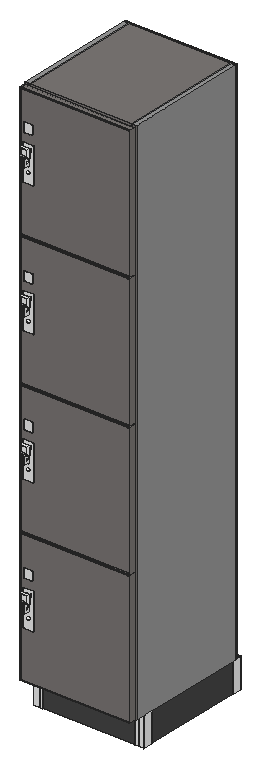
Revit family "Wood_Lockers_Hasps-Salsbury_Industries-15_44000_Series-1_Wide_Units", category Specialty Equipment, Revit 2026
Family settings
  Round Connector Dimension = Use Diameter
  Part Type = Normal
  Classification Number = 23.40.00.00
  Work Plane-Based = No
  Enable Cutting in Views = No
  Always vertical = Yes
  Cut with Voids When Loaded = No
  Maintain Annotation Orientation = No
  Shared = No
  Room Calculation Point = No
Parameters (values of type "15-44168")
  Width = 15.000"
  Version = "1.0 (01/31/24)"
  Unit Height including Sloping Hood Only [instance] = 78.868"
  Unit Height including Base Only [instance] = 76.000"
  URL = "www.lockers.com"
  Type Comments = "Premier Wood Lockers - Four Tier - with Hasps"
  Total Doors Height [instance] = if(Unit Height = 72.000", 71.750", if(Unit Height = 60.000", 59.750", 0.000"))  # 71.750"
  Sloping Top Corner Filler - Right Side [instance] = Wood Locker Sloping Corner Fillers : None
  Sloping Top Corner Filler - Left Side [instance] = Wood Locker Sloping Corner Fillers : None
  Sloping In-Line Filler - Right Side [instance] = Wood Locker Sloping In-Line Fillers : None
  Sloping In-Line Filler - Left Side [instance] = Wood Locker Sloping In-Line Fillers : None
  Sloping Hood Height = if(Depth = 15.000", 5.743", if(Depth = 18.000", 6.868", if(Depth = 21.000", 7.993", if(Depth = 24.000", 9.118", 0.000"))))  # 6.868"
  Sloping Hood [instance] = Wood Locker Sloping Hoods : None
  Side Panel without Slope - Right Side [instance] = Wood Locker Side Panels-No Slope : None
  Side Panel without Slope - Left Side [instance] = Wood Locker Side Panels-No Slope : None
  Side Panel with Slope - Right Side [instance] = Wood Locker Side Panels-With Slope : None
  Side Panel with Slope - Left Side [instance] = Wood Locker Side Panels-With Slope : None
  Secondary Structure Materials = Particle Board Industrial Grade - Salsbury Finish - Black Melamine Overlay
  Primary Structure Materials = Particle Board Industrial Grade - Salsbury Finish - Plain
  Overall Unit Height including Base and Sloping Hood [instance] = 82.868"
  OmniClass 23 Title = "Equipment and Furnishings"
  OmniClass 23 Number = "23.40.00.00"
  Model = "15-44168"
  MasterFormat Title = "Lockers"
  MasterFormat Code = "10 51 23"
  Manufacturer = "Salsbury Industries"
  Laminate Surface [instance] = Industrial Grade Particleboard with Wood Laminate - Salsbury Finish - Skyline Walnut
  Interior Material = Textured Melamine - Salsbury Finish - White
  Individual Door Width [instance] = 14.875"
  Unit Height = 72.000"
  Individual Door Height = if(Unit Height = 72.000", 17.796", if(Unit Height = 60.000", 14.796", 0.000"))  # 17.796"
  Hardware = Aluminum - Salsbury Finish - Black Satin
  Front Vertical Filler - Right Side [instance] = Wood Locker Front Fillers : None
  Front Vertical Filler - Left Side [instance] = Wood Locker Front Fillers : None
  Front Corner Filler - Right Side [instance] = Wood Locker Front Corner Filler : None
  Front Corner Filler - Left Side [instance] = Wood Locker Front Corner Filler : None
  Flat Top In-Line Filler - Right Side [instance] = Wood Locker Flat In-Line Fillers : None
  Flat Top In-Line Filler - Left Side [instance] = Wood Locker Flat In-Line Fillers : None
  Flat Top Corner Filler - Right Side [instance] = Wood Locker Flat Corner Fillers : None
  Flat Top Corner Filler - Left Side [instance] = Wood Locker Flat Corner Fillers : None
  Fascia Filler [instance] = Wood Locker Fascia Fillers : None
  Double Side Panel without Slope - Right Side [instance] = Wood Locker Double Side Panels-No Slope : None
  Double Side Panel without Slope - Left Side [instance] = Wood Locker Double Side Panels-No Slope : None
  Double Side Panel with Slope - Right Side [instance] = Wood Locker Double Side Panels-With Slope : None
  Double Side Panel with Slope - Left Side [instance] = Wood Locker Double Side Panels-With Slope : None
  Door Location D1 = Premier Locker Doors_Hasp : Four Tier Door for Six Foot High Locker
  Description = "1 Wide - 6 Feet High - 18 inches Deep - with Base"
  Depth = 18.000"
  Default Elevation = 0.000"
  Compartment Width [instance] = 13.750"
  Compartment Height [instance] = if(Unit Height = 72.000", 17.063", if(Unit Height = 60.000", 14.063", 0.000"))  # 17.063"
  Compartment Depth [instance] = 16.750"
  Base Material = Particle Board Industrial Grade - Salsbury Finish - Black Melamine Overlay
  Base Height = 4.000"
  Base Depth [instance] = 16.250"
  Base = Wood Locker Bases : Base - 15" W x 18" D Lockers
  Assembly Code = "C1030310"
Reference planes (in)
  plane 1 "Center (Front/Back)": y = 0
  plane 2: z = 0
  plane 3 "Center (Left/Right)": x = 0
  plane 4 "Right Side of Unit": x = 7.5
  plane 5 "Left Side of Unit": x = -7.5
  plane 6 "Back of Unit": y = 9
  plane 7 "Front of Unit": y = -9
  plane 8 "Bottom of Base": z = 0
  plane 9 "Top Edge of Unit": z = 76
  plane 10 "Top of Base Edge": z = 4
  plane 11: z = 82.868
  plane 12 "Right Compartment Edge": x = 6.906
  plane 13 "Left Compartment Edge": x = -6.906
  plane 14 "Front Melamine Edge": y = -8
  plane 15 "Back Compartment Edge": y = 8.781
  plane 16 "Front Compartment Edge": y = -7.969
  plane 17 "Front Edge of Base": y = -6.625
  plane 18 "Bottom Edge of Door": z = 4.125
  plane 19 "Top Edge of Door": z = 75.875
  plane 20 "Bottom Compartment Edge": z = 4.75
  plane 21 "Top Compartment Edge": z = 75.25
  plane 22 "Center Top and Bottom": z = 40
  plane 23 "Left Melamine Edge": x = -6.875
  plane 24 "Right Melamine Edge": x = 6.875
  plane 25 "Back Melamine Edge": y = 8.75
  plane 26 "Left Edge of Door": x = -7.375
  plane 27: y = 9.625
  plane 28: y = -7.25
  plane 29 "Base / Ventillation Alignment": y = 9.625
  plane 30 "Compartment Shelf 3": z = 22.563
  plane 31: z = 21.813
  plane 32: z = 21.921
  plane 33: z = 22.109
  plane 34: z = 39.626
  plane 35 "Compartment Shelf 2": z = 40.376
  plane 36: z = 39.905
  plane 37: z = 40.093
  plane 38: z = 57.439
  plane 39 "Compartment Shelf 1": z = 58.189
  plane 40: z = 57.889
  plane 41: z = 58.077
Forms (in)
  Extrusion 1, solid, material "Particle Board Industrial Grade - Salsbury Finish - Plain" <- "Primary Structure Materials"
    sketch origin (7.5, 0, 0) x (0, -1, 0) y (0, 0, 1)
      loop
        line (7.969, 76) -> (-8.75, 76) -> (-8.75, 4) -> (7.969, 4) -> (7.969, 76)
    from 0 to 0.594
  Extrusion 2, solid, material "Particle Board Industrial Grade - Salsbury Finish - Plain" <- "Primary Structure Materials"
    sketch origin (-7.5, 0, 0) x (0, -1, 0) y (0, 0, 1)
      loop
        line (-8.75, 76) -> (-8.75, 4) -> (7.969, 4) -> (7.969, 76) -> (-8.75, 76)
    from 0 to -0.594
  Extrusion 3, solid, material "Textured Melamine - Salsbury Finish - White" <- "Interior Material"
    sketch origin (0, 0, 4) x (0, -1, 0) y (1, 0, 0)
      loop
        line (-8.75, -6.875) -> (7.969, -6.875) -> (7.969, 6.875) -> (-8.75, 6.875) -> (-8.75, -6.875)
    from 0 to 0.75
  Extrusion 4, solid, material "Industrial Grade Particleboard with Wood Laminate - Salsbury Finish - Skyline Walnut" <- "Laminate Surface"
    sketch origin (0.375, 0.375, 76) x (1, 0, 0) y (0, 1, 0)
      loop
        line (-7.25, -8.375) -> (6.5, -8.375) -> (6.5, 8.375) -> (-7.25, 8.375) -> (-7.25, -8.375)
    from 0 to -0.75
  Extrusion 5, solid, material "Particle Board Industrial Grade - Salsbury Finish - Plain" <- "Primary Structure Materials"
    sketch origin (0, 9, 0) x (1, 0, 0) y (0, 0, 1)
      loop
        line (-7.5, 76) -> (-7.5, 4) -> (7.5, 4) -> (7.5, 76) -> (-7.5, 76)
    from 0 to 0.219
  Extrusion 6, solid, material "Industrial Grade Particleboard with Wood Laminate - Salsbury Finish - Skyline Walnut" <- "Laminate Surface"
    sketch origin (0, -7.969, 0) x (1, 0, 0) y (0, 0, 1)
      loop
        line (-7.5, 76) -> (-7.5, 4) -> (-6.875, 4) -> (-6.875, 76) -> (-7.5, 76)
    from 0 to 0.031
  Extrusion 7, solid, material "Industrial Grade Particleboard with Wood Laminate - Salsbury Finish - Skyline Walnut" <- "Laminate Surface"
    sketch origin (0, -7.969, 0) x (-1, 0, 0) y (0, 0, -1)
      loop
        line (-7.5, -76) -> (-6.875, -76) -> (-6.875, -4) -> (-7.5, -4) -> (-7.5, -76)
    from 0 to 0.031
  Extrusion 8, solid, material "Textured Melamine - Salsbury Finish - White" <- "Interior Material"
    sketch origin (0, 8.75, 0) x (1, 0, 0) y (0, 0, 1)
      loop
        line (-7.5, 76) -> (-7.5, 4) -> (7.5, 4) -> (7.5, 76) -> (-7.5, 76)
    from -0.031 to 0
  Extrusion 9, solid, material "Textured Melamine - Salsbury Finish - White" <- "Interior Material"
    sketch origin (-6.906, 0, 0) x (0, -1, 0) y (0, 0, 1)
      loop
        line (-8.75, 76) -> (-8.75, 4) -> (7.969, 4) -> (7.969, 76) -> (-8.75, 76)
    from 0 to -0.031
  Extrusion 10, solid, material "Textured Melamine - Salsbury Finish - White" <- "Interior Material"
    sketch origin (6.906, 0, 0) x (0, -1, 0) y (0, 0, 1)
      loop
        line (7.969, 76) -> (-8.75, 76) -> (-8.75, 4) -> (7.969, 4) -> (7.969, 76)
    from 0 to 0.031
  Extrusion 11, solid, material "Textured Melamine - Salsbury Finish - White" <- "Interior Material", detail levels fine
    sketch origin (0, 0, 22.563) x (0, -1, 0) y (1, 0, 0)
      loop
        line (-8.75, -6.875) -> (7.969, -6.875) -> (7.969, 6.875) -> (-8.75, 6.875) -> (-8.75, -6.875)
    from 0 to -0.75
  Extrusion 12, solid, material "Textured Melamine - Salsbury Finish - White" <- "Interior Material", detail levels fine
    sketch origin (0, 0, 40.376) x (0, -1, 0) y (1, 0, 0)
      loop
        line (-8.75, -6.875) -> (7.969, -6.875) -> (7.969, 6.875) -> (-8.75, 6.875) -> (-8.75, -6.875)
    from 0 to -0.75
  Extrusion 13, solid, material "Textured Melamine - Salsbury Finish - White" <- "Interior Material", detail levels fine
    sketch origin (0, 0, 58.189) x (0, -1, 0) y (1, 0, 0)
      loop
        line (-8.75, -6.875) -> (7.969, -6.875) -> (7.969, 6.875) -> (-8.75, 6.875) -> (-8.75, -6.875)
    from 0 to -0.75
  Extrusion 14, solid, material "Industrial Grade Particleboard with Wood Laminate - Salsbury Finish - Skyline Walnut" <- "Laminate Surface"
    sketch origin (0, -8, 0) x (1, 0, 0) y (0, 0, 1)
      loop
        line (-6.875, 58.189) -> (-6.875, 57.439) -> (6.875, 57.439) -> (6.875, 58.189) -> (-6.875, 58.189)
    from 0 to -0.031
  Extrusion 15, solid, material "Industrial Grade Particleboard with Wood Laminate - Salsbury Finish - Skyline Walnut" <- "Laminate Surface"
    sketch origin (0, -8, 0) x (1, 0, 0) y (0, 0, 1)
      loop
        line (-6.875, 40.376) -> (-6.875, 39.626) -> (6.875, 39.626) -> (6.875, 40.376) -> (-6.875, 40.376)
    from 0 to -0.031
  Extrusion 16, solid, material "Industrial Grade Particleboard with Wood Laminate - Salsbury Finish - Skyline Walnut" <- "Laminate Surface"
    sketch origin (0, -8, 0) x (1, 0, 0) y (0, 0, 1)
      loop
        line (-6.875, 22.563) -> (-6.875, 21.813) -> (6.875, 21.813) -> (6.875, 22.563) -> (-6.875, 22.563)
    from 0 to -0.031
  Extrusion 17, solid, material "Industrial Grade Particleboard with Wood Laminate - Salsbury Finish - Skyline Walnut" <- "Laminate Surface"
    sketch origin (0, -8, 0) x (1, 0, 0) y (0, 0, 1)
      loop
        line (-6.875, 4.75) -> (-6.875, 4) -> (6.875, 4) -> (6.875, 4.75) -> (-6.875, 4.75)
    from 0 to -0.031
Lines and regions (in)
  symbolic lines
    curve 1: line (-7.5, 8.75, 76) -> (7.50006, 8.75, 76)
    curve 2: line (-7.5, 8.75, 0) -> (-7.5, 8.75, 76)
    curve 3: line (7.50006, 8.75, 76) -> (7.50006, 8.75, 0)
    curve 4: line (6.906, -8, 76) -> (6.906, 9.625, 76)
    curve 5: line (6.906, -8, 0) -> (6.906, -8, 76)
    curve 6: line (6.906, 9.625, 76) -> (6.906, 9.625, 0)
    curve 7: line (7.50006, 8.75, 0) -> (-7.5, 8.75, 0)
    curve 8: line (6.906, -6.625, 0) -> (6.906, 9.625, 0)
    curve 9: line (6.906, 9.625, 0) -> (6.906, -6.625, 0)
    curve 10: line (6.906, -8, 0) -> (6.906, 9.625, 0)
    curve 11: line (-7.5, 9.625, 0) -> (7.5, 9.625, 0)
    curve 12: line (-7.5, -8, 0) -> (-7.5, 9.625, 0)
    curve 13: line (7.5, -8, 0) -> (-7.5, -8, 0)
    curve 14: line (7.5, 9.625, 0) -> (7.5, -8, 0)
Dimensions and locks (in)
  equal spacing: plane 5 "Left Side of Unit", plane 3 "Center (Left/Right)", plane 4 "Right Side of Unit"
  "Width": plane 5 "Left Side of Unit" to plane 4 "Right Side of Unit"
  equal spacing: plane 7 "Front of Unit", plane 1 "Center (Front/Back)", plane 6 "Back of Unit"
  "Depth": plane 7 "Front of Unit" to plane 6 "Back of Unit"
  "Base Height": plane 10 "Top of Base Edge" to plane 8 "Bottom of Base"
  "Unit Height": plane 9 "Top Edge of Unit" to plane 10 "Top of Base Edge"
  "Sloping Hood Height": plane 11 to plane 9 "Top Edge of Unit"
  locked: plane 12 "Right Compartment Edge" to plane 4 "Right Side of Unit" at 0.594
  locked: plane 5 "Left Side of Unit" to plane 13 "Left Compartment Edge" at 0.594
  locked: plane 7 "Front of Unit" to plane 14 "Front Melamine Edge" at 1
  locked: plane 15 "Back Compartment Edge" to plane 6 "Back of Unit" at 0.219
  locked: plane 14 "Front Melamine Edge" to plane 16 "Front Compartment Edge" at 0.031
  plane 18 "Bottom Edge of Door" to plane 10 "Top of Base Edge" = 0.125"
  plane 9 "Top Edge of Unit" to plane 19 "Top Edge of Door" = 0.125"
  plane 20 "Bottom Compartment Edge" to plane 10 "Top of Base Edge" = 0.750"
  plane 9 "Top Edge of Unit" to plane 21 "Top Compartment Edge" = 0.750"
  equal spacing: plane 9 "Top Edge of Unit", plane 22 "Center Top and Bottom", plane 10 "Top of Base Edge"
  locked: plane 24 "Right Melamine Edge" to plane 12 "Right Compartment Edge" at 0.031
  locked: plane 13 "Left Compartment Edge" to plane 23 "Left Melamine Edge" at 0.031
  locked: plane 25 "Back Melamine Edge" to plane 15 "Back Compartment Edge" at 0.031
  locked: plane 5 "Left Side of Unit" to plane 26 "Left Edge of Door" at 0.125
  "Individual Door Width": plane 26 "Left Edge of Door" to plane 4 "Right Side of Unit"
  "Total Doors Height": plane 19 "Top Edge of Door" to plane 18 "Bottom Edge of Door"
  "Unit Height including Base Only": plane 9 "Top Edge of Unit" to plane 8 "Bottom of Base"
  "Unit Height including Sloping Hood Only": plane 11 to plane 10 "Top of Base Edge"
  "Overall Unit Height including Base and Sloping Hood": plane 11 to plane 8 "Bottom of Base"
  locked: plane 7 "Front of Unit" to plane 17 "Front Edge of Base" at 2.375
  locked: plane 6 "Back of Unit" to plane 27 at 0.625
  "Base Depth": plane 17 "Front Edge of Base" to plane 27
  "Compartment Width": plane 23 "Left Melamine Edge" to plane 24 "Right Melamine Edge"
  "Compartment Height": plane 31 to plane 20 "Bottom Compartment Edge"
  "Compartment Depth": plane 14 "Front Melamine Edge" to plane 25 "Back Melamine Edge"
  locked: plane 14 "Front Melamine Edge" to plane 28 at 0.75
  plane 14 "Front Melamine Edge" to plane 27 = 17.625"
  Extrusion 2 to Extrusion 9 = 16.719"
  plane 6 "Back of Unit" to plane 29 "Base / Ventillation Alignment" = 0.625"
  locked: plane 30 "Compartment Shelf 3" to plane 31 at 0.75
  locked: plane 33 to plane 32 at 0.188
  "Individual Door Height": plane 32 to plane 18 "Bottom Edge of Door"
  locked: plane 35 "Compartment Shelf 2" to plane 34 at 0.75
  locked: plane 37 to plane 36 at 0.188
  "Compartment Height": plane 34 to plane 30 "Compartment Shelf 3"
  "Individual Door Height": plane 36 to plane 33
  locked: plane 39 "Compartment Shelf 1" to plane 38 at 0.75
  locked: plane 41 to plane 40 at 0.188
  "Compartment Height": plane 38 to plane 35 "Compartment Shelf 2"
  "Individual Door Height": plane 40 to plane 37
  aligned and locked: level to plane 2
  aligned and locked: plane 15 "Back Compartment Edge" to Extrusion 5
  aligned and locked: plane 4 "Right Side of Unit" to nested 1
  aligned and locked: plane 18 "Bottom Edge of Door" to nested 1
  aligned and locked: plane 7 "Front of Unit" to nested 1
  aligned and locked: plane 9 "Top Edge of Unit" to nested 2
  aligned and locked: plane 14 "Front Melamine Edge" to nested 2
  aligned and locked: plane 5 "Left Side of Unit" to nested 3
  aligned and locked: plane 14 "Front Melamine Edge" to nested 3
  aligned and locked: plane 9 "Top Edge of Unit" to nested 3
  aligned and locked: plane 4 "Right Side of Unit" to nested 4
  aligned and locked: nested 4 to plane 9 "Top Edge of Unit"
  aligned and locked: nested 4 to plane 14 "Front Melamine Edge"
  aligned and locked: plane 9 "Top Edge of Unit" to nested 5
  aligned and locked: plane 28 to nested 5
  aligned and locked: nested 6 to plane 28
  aligned and locked: plane 5 "Left Side of Unit" to nested 6
  aligned and locked: plane 4 "Right Side of Unit" to nested 5
  aligned and locked: nested 6 to plane 9 "Top Edge of Unit"
  aligned and locked: nested 8 to plane 5 "Left Side of Unit"
  aligned and locked: nested 7 to plane 4 "Right Side of Unit"
  aligned and locked: plane 14 "Front Melamine Edge" to nested 7
  aligned and locked: nested 8 to plane 14 "Front Melamine Edge"
  aligned and locked: plane 10 "Top of Base Edge" to nested 7
  aligned and locked: nested 8 to plane 10 "Top of Base Edge"
  aligned and locked: plane 5 "Left Side of Unit" to nested 9
  aligned and locked: plane 4 "Right Side of Unit" to nested 10
  aligned and locked: nested 10 to plane 10 "Top of Base Edge"
  aligned and locked: plane 10 "Top of Base Edge" to nested 9
  aligned and locked: plane 16 "Front Compartment Edge" to nested 10
  aligned and locked: nested 9 to plane 14 "Front Melamine Edge"
  aligned and locked: plane 4 "Right Side of Unit" to nested 11
  aligned and locked: nested 11 to plane 10 "Top of Base Edge"
  aligned and locked: plane 14 "Front Melamine Edge" to nested 11
  aligned and locked: plane 14 "Front Melamine Edge" to nested 12
  aligned and locked: nested 12 to nested 4
  aligned and locked: plane 10 "Top of Base Edge" to nested 12
  aligned and locked: nested 13 to plane 5 "Left Side of Unit"
  aligned and locked: nested 13 to plane 14 "Front Melamine Edge"
  aligned and locked: nested 13 to plane 10 "Top of Base Edge"
  aligned and locked: plane 14 "Front Melamine Edge" to nested 14
  aligned and locked: nested 14 to plane 4 "Right Side of Unit"
  aligned and locked: nested 15 to plane 14 "Front Melamine Edge"
  aligned and locked: nested 15 to plane 5 "Left Side of Unit"
  aligned and locked: plane 10 "Top of Base Edge" to nested 14
  aligned and locked: nested 15 to plane 10 "Top of Base Edge"
  aligned and locked: plane 14 "Front Melamine Edge" to nested 16
  aligned and locked: plane 4 "Right Side of Unit" to nested 16
  aligned and locked: nested 17 to plane 14 "Front Melamine Edge"
  aligned and locked: plane 5 "Left Side of Unit" to nested 17
  aligned and locked: nested 16 to plane 8 "Bottom of Base"
  aligned and locked: nested 17 to plane 8 "Bottom of Base"
  aligned and locked: nested 18 to plane 5 "Left Side of Unit"
  aligned and locked: nested 19 to plane 4 "Right Side of Unit"
  aligned and locked: nested 19 to plane 14 "Front Melamine Edge"
  aligned and locked: plane 14 "Front Melamine Edge" to nested 18
  aligned and locked: plane 8 "Bottom of Base" to nested 19
  aligned and locked: nested 18 to plane 8 "Bottom of Base"
  aligned and locked: plane 17 "Front Edge of Base" to nested 20
  aligned and locked: plane 9 "Top Edge of Unit" to nested 21
  aligned and locked: plane 5 "Left Side of Unit" to nested 21
  aligned and locked: nested 22 to plane 9 "Top Edge of Unit"
  aligned and locked: plane 4 "Right Side of Unit" to nested 22
  aligned and locked: nested 22 to plane 14 "Front Melamine Edge"
  aligned and locked: nested 21 to plane 14 "Front Melamine Edge"
  aligned and locked: nested 24 to plane 9 "Top Edge of Unit"
  aligned and locked: plane 4 "Right Side of Unit" to nested 24
  aligned and locked: nested 23 to plane 9 "Top Edge of Unit"
  aligned and locked: plane 5 "Left Side of Unit" to nested 23
  aligned and locked: nested 24 to plane 28
  aligned and locked: nested 23 to plane 28
  aligned and locked: plane 14 "Front Melamine Edge" to nested 25
  aligned and locked: plane 9 "Top Edge of Unit" to nested 25
  aligned and locked: plane 8 "Bottom of Base" to nested 20
  aligned and locked: plane 3 "Center (Left/Right)" to nested 20
  aligned and locked: plane 25 "Back Melamine Edge" to Extrusion 3 sketch curve
  aligned and locked: Extrusion 3 sketch curve to plane 23 "Left Melamine Edge"
  aligned and locked: plane 24 "Right Melamine Edge" to Extrusion 3 sketch curve
  aligned and locked: Extrusion 4 to plane 9 "Top Edge of Unit"
  aligned and locked: plane 21 "Top Compartment Edge" to Extrusion 4
  aligned and locked: Extrusion 2 sketch curve to plane 9 "Top Edge of Unit"
  aligned and locked: plane 16 "Front Compartment Edge" to Extrusion 2 sketch curve
  aligned and locked: Extrusion 2 sketch curve to plane 25 "Back Melamine Edge"
  aligned and locked: plane 10 "Top of Base Edge" to Extrusion 2 sketch curve
  aligned and locked: Extrusion 2 to plane 13 "Left Compartment Edge"
  aligned and locked: plane 5 "Left Side of Unit" to Extrusion 2
  aligned and locked: plane 10 "Top of Base Edge" to Extrusion 9 sketch curve
  aligned and locked: Extrusion 9 sketch curve to plane 25 "Back Melamine Edge"
  aligned and locked: Extrusion 9 sketch curve to plane 9 "Top Edge of Unit"
  aligned and locked: Extrusion 1 sketch curve to plane 16 "Front Compartment Edge"
  aligned and locked: plane 9 "Top Edge of Unit" to Extrusion 1 sketch curve
  aligned and locked: Extrusion 1 sketch curve to plane 10 "Top of Base Edge"
  aligned and locked: plane 25 "Back Melamine Edge" to Extrusion 1 sketch curve
  aligned and locked: Extrusion 1 to plane 4 "Right Side of Unit"
  aligned and locked: plane 12 "Right Compartment Edge" to Extrusion 1
  aligned and locked: Extrusion 10 sketch curve to plane 10 "Top of Base Edge"
  aligned and locked: plane 25 "Back Melamine Edge" to Extrusion 10 sketch curve
  aligned and locked: Extrusion 10 sketch curve to plane 16 "Front Compartment Edge"
  aligned and locked: plane 9 "Top Edge of Unit" to Extrusion 10 sketch curve
  aligned and locked: Extrusion 10 to plane 12 "Right Compartment Edge"
  aligned and locked: plane 24 "Right Melamine Edge" to Extrusion 10
  aligned and locked: Extrusion 8 sketch curve to plane 10 "Top of Base Edge"
  aligned and locked: plane 4 "Right Side of Unit" to Extrusion 8 sketch curve
  aligned and locked: plane 9 "Top Edge of Unit" to Extrusion 8 sketch curve
  aligned and locked: Extrusion 8 sketch curve to plane 5 "Left Side of Unit"
  aligned and locked: Extrusion 8 to plane 15 "Back Compartment Edge"
  aligned and locked: plane 25 "Back Melamine Edge" to Extrusion 8
  aligned and locked: plane 9 "Top Edge of Unit" to Extrusion 5 sketch curve
  aligned and locked: Extrusion 5 sketch curve to plane 5 "Left Side of Unit"
  aligned and locked: Extrusion 5 sketch curve to plane 10 "Top of Base Edge"
  aligned and locked: plane 4 "Right Side of Unit" to Extrusion 5 sketch curve
  aligned and locked: Extrusion 7 sketch curve to plane 9 "Top Edge of Unit"
  aligned and locked: Extrusion 7 sketch curve to plane 4 "Right Side of Unit"
  aligned and locked: plane 24 "Right Melamine Edge" to Extrusion 7 sketch curve
  aligned and locked: plane 10 "Top of Base Edge" to Extrusion 7 sketch curve
  aligned and locked: Extrusion 7 to plane 16 "Front Compartment Edge"
  aligned and locked: plane 14 "Front Melamine Edge" to Extrusion 7
  aligned and locked: Extrusion 6 sketch curve to plane 10 "Top of Base Edge"
  aligned and locked: plane 23 "Left Melamine Edge" to Extrusion 6 sketch curve
  aligned and locked: Extrusion 6 sketch curve to plane 5 "Left Side of Unit"
  aligned and locked: plane 9 "Top Edge of Unit" to Extrusion 6 sketch curve
  aligned and locked: Extrusion 6 to plane 16 "Front Compartment Edge"
  aligned and locked: plane 14 "Front Melamine Edge" to Extrusion 6
  aligned and locked: plane 16 "Front Compartment Edge" to Extrusion 9
  aligned and locked: plane 13 "Left Compartment Edge" to Extrusion 9
  aligned and locked: nested 3 to curve 1
  aligned and locked: curve 2 to nested 17
  aligned and locked: curve 4 to nested 2
  aligned and locked: nested 16 to curve 5
  aligned and locked: curve 9 to nested 20
  aligned and locked: curve 10 to nested 16
  aligned and locked: curve 13 to plane 14 "Front Melamine Edge"
  aligned and locked: curve 12 to plane 5 "Left Side of Unit"
  aligned and locked: plane 29 "Base / Ventillation Alignment" to curve 11
  aligned and locked: plane 3 "Center (Left/Right)" to nested 2
  aligned and locked: plane 3 "Center (Left/Right)" to nested 25
  aligned and locked: plane 29 "Base / Ventillation Alignment" to curve 6
  aligned and locked: plane 25 "Back Melamine Edge" to Extrusion 11 sketch curve
  aligned and locked: Extrusion 11 sketch curve to plane 23 "Left Melamine Edge"
  aligned and locked: plane 24 "Right Melamine Edge" to Extrusion 11 sketch curve
  aligned and locked: plane 25 "Back Melamine Edge" to Extrusion 12 sketch curve
  aligned and locked: plane 24 "Right Melamine Edge" to Extrusion 12 sketch curve
  aligned and locked: Extrusion 12 sketch curve to plane 23 "Left Melamine Edge"
  aligned and locked: plane 33 to nested 26
  aligned and locked: plane 4 "Right Side of Unit" to nested 26
  aligned and locked: plane 4 "Right Side of Unit" to nested 27
  aligned and locked: plane 37 to nested 27
  aligned and locked: plane 7 "Front of Unit" to nested 27
  aligned and locked: plane 7 "Front of Unit" to nested 26
  aligned and locked: plane 25 "Back Melamine Edge" to Extrusion 13 sketch curve
  aligned and locked: plane 24 "Right Melamine Edge" to Extrusion 13 sketch curve
  aligned and locked: Extrusion 13 sketch curve to plane 23 "Left Melamine Edge"
  aligned and locked: plane 41 to nested 28
  aligned and locked: plane 4 "Right Side of Unit" to nested 28
  aligned and locked: plane 7 "Front of Unit" to nested 28
  aligned and locked: plane 14 "Front Melamine Edge" to Extrusion 4
  aligned and locked: plane 16 "Front Compartment Edge" to Extrusion 13
  aligned and locked: plane 16 "Front Compartment Edge" to Extrusion 12
  aligned and locked: plane 16 "Front Compartment Edge" to Extrusion 11
  aligned and locked: plane 16 "Front Compartment Edge" to Extrusion 3
  aligned and locked: Extrusion 14 sketch curve to Extrusion 13  (x4)
  aligned and locked: plane 14 "Front Melamine Edge" to Extrusion 14
  aligned and locked: Extrusion 14 to plane 16 "Front Compartment Edge"
  aligned and locked: Extrusion 15 sketch curve to Extrusion 12  (x4)
  aligned and locked: plane 14 "Front Melamine Edge" to Extrusion 15
  aligned and locked: Extrusion 15 to plane 16 "Front Compartment Edge"
  aligned and locked: Extrusion 16 sketch curve to Extrusion 11  (x4)
  aligned and locked: plane 14 "Front Melamine Edge" to Extrusion 16
  aligned and locked: Extrusion 16 to plane 16 "Front Compartment Edge"
  aligned and locked: Extrusion 17 sketch curve to Extrusion 3  (x3)
  aligned and locked: Extrusion 7 to Extrusion 17 sketch curve
  aligned and locked: plane 14 "Front Melamine Edge" to Extrusion 17
  aligned and locked: Extrusion 17 to plane 16 "Front Compartment Edge"
Automatic sketch dimensions
  Extrusion 9 sketch curve to plane 16 "Front Compartment Edge" = 0.000"
  curve 3 to level = 0.000"
  curve 3 to plane 4 "Right Side of Unit" = 0.00006"
  curve 8 to plane 17 "Front Edge of Base" = 0.000"
  curve 9 to plane 17 "Front Edge of Base" = 0.000"
  curve 13 to plane 4 "Right Side of Unit" = 0.000"
  Extrusion 4 sketch curve to plane 5 "Left Side of Unit" = 0.625"
  plane 17 "Front Edge of Base" to Extrusion 4 sketch curve = 1.375"
  plane 4 "Right Side of Unit" to Extrusion 4 sketch curve = 0.625"
  plane 25 "Back Melamine Edge" to Extrusion 4 sketch curve = 0.000"
  Extrusion 13 sketch curve to plane 14 "Front Melamine Edge" = 0.031"
  Extrusion 12 sketch curve to plane 14 "Front Melamine Edge" = 0.031"
  Extrusion 11 sketch curve to plane 14 "Front Melamine Edge" = 0.031"
  Extrusion 3 sketch curve to plane 14 "Front Melamine Edge" = 0.031"
Nested families (in)
  nested 1: "Premier Locker Doors_Hasp" at (0.0625, -8.625, 4.125), type <- "Door Location D1", type "Four Tier Door for Six Foot High Locker"
  nested 2: "Wood Locker Sloping Hoods" at (0, -0.6875, 76), type <- "Sloping Hood", type "None"
  nested 3: "Wood Locker Sloping Corner Fillers" at (-16.75, -1, 76), type <- "Sloping Top Corner Filler - Left Side", type "None"
  nested 4: "Wood Locker Sloping Corner Fillers" at (16.75, -1, 76) x (-1, 0, 0) z (0, 0, 1), type <- "Sloping Top Corner Filler - Right Side", type "None"
  nested 5: "Wood Locker Flat Corner Fillers" at (15, -3.625, 75.25), type <- "Flat Top Corner Filler - Right Side", type "None"
  nested 6: "Wood Locker Flat Corner Fillers" at (-15, -3.625, 75.25) x (-1, 0, 0) z (0, 0, 1), type <- "Flat Top Corner Filler - Left Side", type "None"
  nested 7: "Wood Locker Side Panels-No Slope" at (7.875, -1, 4) x (0, 1, 0) z (0, 0, 1), type <- "Side Panel without Slope - Right Side", type "None"
  nested 8: "Wood Locker Side Panels-No Slope" at (-7.875, -1, 4) x (0, 1, 0) z (0, 0, 1), type <- "Side Panel without Slope - Left Side", type "None"
  nested 9: "Wood Locker Side Panels-With Slope" at (-7.875, -0.6875, 4) x (0, -1, 0) z (0, 0, 1), type <- "Side Panel with Slope - Left Side", type "None"
  nested 10: "Wood Locker Side Panels-With Slope" at (7.875, -0.6565, 4) x (0, -1, 0) z (0, 0, 1), type <- "Side Panel with Slope - Right Side", type "None"
  nested 11: "Wood Locker Side Panels-With Slope" at (7.875, -0.6875, 4) x (0, -1, 0) z (0, 0, 1), type <- "Side Panel with Slope - Right Side", type "None"
  nested 12: "Wood Locker Double Side Panels-No Slope" at (7.875, -1, 4) x (0, 1, 0) z (0, 0, 1), type <- "Double Side Panel without Slope - Right Side", type "None"
  nested 13: "Wood Locker Double Side Panels-No Slope" at (-7.875, -1, 4) x (0, 1, 0) z (0, 0, 1), type <- "Double Side Panel without Slope - Left Side", type "None"
  nested 14: "Wood Locker Double Side Panels-With Slope" at (7.875, -1, 4) x (0, 1, 0) z (0, 0, 1), type <- "Double Side Panel with Slope - Right Side", type "None"
  nested 15: "Wood Locker Double Side Panels-With Slope" at (-7.875, -1, 4) x (0, 1, 0) z (0, 0, 1), type <- "Double Side Panel with Slope - Left Side", type "None"
  nested 16: "Wood Locker Front Fillers" at (15, -7.625, 0), type <- "Front Vertical Filler - Right Side", type "None"
  nested 17: "Wood Locker Front Fillers" at (-15, -7.625, 0) x (-1, 0, 0) z (0, 0, 1), type <- "Front Vertical Filler - Left Side", type "None"
  nested 18: "Wood Locker Front Corner Filler" at (-8.625, -7.625, 0), type <- "Front Corner Filler - Left Side", type "None"
  nested 19: "Wood Locker Front Corner Filler" at (8.625, -7.625, 0) x (-1, 0, 0) z (0, 0, 1), type <- "Front Corner Filler - Right Side", type "None"
  nested 20: "Wood Locker Bases" at (0, 1.5, 0), type <- "Base", type "Base - 15" W x 18" D Lockers"
  nested 21: "Wood Locker Sloping In-Line Fillers" at (-13.5, -1, 76), type <- "Sloping In-Line Filler - Left Side", type "None"
  nested 22: "Wood Locker Sloping In-Line Fillers" at (13.5, -1, 76) x (-1, 0, 0) z (0, 0, 1), type <- "Sloping In-Line Filler - Right Side", type "None"
  nested 23: "Wood Locker Flat In-Line Fillers" at (-15, -0.625, 75.25), type <- "Flat Top In-Line Filler - Left Side", type "None"
  nested 24: "Wood Locker Flat In-Line Fillers" at (15, -0.625, 75.25) x (-1, 0, 0) z (0, 0, 1), type <- "Flat Top In-Line Filler - Right Side", type "None"
  nested 25: "Wood Locker Fascia Fillers" at (0, -7.625, 76), type <- "Fascia Filler", type "None"
  nested 26: "Premier Locker Doors_Hasp" at (0.0625, -8.625, 22.109), type <- "Door Location D1", type "Four Tier Door for Six Foot High Locker"
  nested 27: "Premier Locker Doors_Hasp" at (0.0625, -8.625, 40.093), type <- "Door Location D1", type "Four Tier Door for Six Foot High Locker"
  nested 28: "Premier Locker Doors_Hasp" at (0.0625, -8.625, 58.077), type <- "Door Location D1", type "Four Tier Door for Six Foot High Locker"
Definition of nested family "Premier Locker Doors_Hasp"
  Parameters (values of type "Single Tier Door for Six Foot High Locker")
    Width = 14.875"
    Visible Number Plates = yes
    Visible Center Hinge = yes
    Primary Structure Materials = none
    Number Tag-Vertical Offset = 31.625"
    Number Tag-Horizontal Offset = 13.750"
    Number Tag Width = 1.250"
    Number Tag Height = 1.250"
    Model = "Premier Locker Doors"
    Manufacturer = "Salsbury Industries"
    Lock Width = 1.500"
    Lock Height = 4.875"
    Laminate Surface = none
    Height = 71.750"
    Lock Vertical Offset = 35.875"
    Lock Horizontal Offset = 0.375"
    Door Trim = none
    Door Hasps = none
    Depth = 0.750"
    Default Elevation = 48.000"
  Types (7): name | Visible Center Hinge | Number Tag-Vertical Offset | Height | Lock Vertical Offset
    Single Tier Door for Six Foot High Locker | yes | 31.625" | 71.750" | 35.875"
    Double Tier Door-1 for Six Foot High Locker | no | 27.641" | 35.781" | 31.891"
    Double Tier Door-2 for Six Foot High Locker | yes | 2.078" | 35.781" | 6.328"
    Triple Tier Door-1 for Six Foot High Locker | no | 15.651" | 23.791" | 19.901"
    Triple Tier Door-2 for Six Foot High Locker | no | 7.646" | 23.791" | 11.896"
    Triple Tier Door-3 for Six Foot High Locker | no | 2.078" | 23.791" | 6.328"
    Four Tier Door for Six Foot High Locker | no | 4.647" | 17.796" | 8.897"
  Reference planes (in)
    plane 1 "Center (Front/Back)": y = 0
    plane 2: z = 0
    plane 3 "Center (Left/Right)": x = 0
    plane 4 "Left Side of Door": x = -7.4375
    plane 5 "Right Side of Door": x = 7.4375
    plane 6 "Back of Door": y = 0.375
    plane 7 "Front of Door": y = -0.375
    plane 8 "Bottom of Door": z = 0
    plane 9 "Top of Door": z = 71.75
    plane 10 "Center of Door": z = 35.875
    plane 11 "Top of Number Tag": z = 40.75
    plane 12 "Bottom of Number Tag": z = 39.5
    plane 13 "Left Side of Number Tag": x = -6.9375
    plane 14 "Right Side of Number Tag": x = -5.6875
    plane 15 "Horizontal Center of Number Tag": x = -6.3125
    plane 16 "Center of Number Tag": z = 40.125
    plane 17 "Left Side of Lock": x = -7.0625
    plane 18 "Right Side of Lock": x = -5.5625
    plane 19 "Lock Vertical Center": z = 35.875
    plane 20 "Top of Lock": z = 38.3125
    plane 21 "Bottom of Lock": z = 33.4375
    plane 22 "Front of Hasp Stud": y = -0.5
    plane 23 "Left Side of Door-Right Side of Trim": x = -7.3125
    plane 24 "Right Side of Door-Left Side of Trim": x = 7.3125
    plane 25 "Top of Door-Bottom of Trim": z = 71.625
    plane 26 "Bottom of Door-Top of Trim": z = 0.125
    plane 27 "Laminate-Particleboard Line": y = -0.344
    plane 28 "Melamine-Particleboard Line": y = 0.344
    plane 29 "Back of Number Plate Inset": y = -0.313
    plane 30 "Center of Lock": x = -6.3125
    plane 31: y = -0.188
    plane 32 "Door Stopper Plane": y = 0.625
    plane 33: x = -6.9875
    plane 34: z = 71.3
    plane 35 "Top Hinge": z = 68.75
    plane 36: x = 6.8125
    plane 37 "Bottom Hinge": z = 3
    plane 38 "Inner Knob": y = -1.094
    plane 39 "Front of Knob": y = -1.125
    plane 40: z = 37.1875
    plane 41: z = 34.5625
    plane 42: z = 38.1875
    plane 43: x = -5.6875
    plane 44: x = -6.9375
    plane 45: z = 36.9375
    plane 46 "Top of Hole": z = 36.8125
    plane 47: x = -6.1245
    plane 48: x = -6.5005
    plane 49 "Bottom of Hole": z = 35.5625
    plane 50 "Stud Alignment": z = 34.8125
    plane 51 "Center of Handle": z = 37.5625
    plane 52: z = 37.7505
    plane 53: z = 37.3745
    plane 54: z = 37.96546
    plane 55: z = 37.15954
    plane 56 "Front of Latch": y = -1
    plane 57: z = 36.6844
    plane 58: z = 35.6844
    plane 59: z = 36.1844
    plane 60: x = 6.8435
    plane 61: z = 36.6245
    plane 62: z = 35.74816
  Forms (in)
    Extrusion 1, solid, detail levels fine
      sketch origin (0, 0, 0) x (1, 0, 0) y (0, 0, 1)
        loop
          line (-7.4065, 0.031) -> (7.4065, 0.031) -> (7.4065, 71.719) -> (-7.4065, 71.719) -> (-7.4065, 0.031)
      from -0.344 to 0.344
    Extrusion 2, solid, material <- "Laminate Surface", detail levels fine
      sketch origin (0, 0.375, 0) x (1, 0, 0) y (0, 0, 1)
        loop
          line (-7.4065, 0.031) -> (7.4065, 0.031) -> (7.4065, 71.719) -> (-7.4065, 71.719) -> (-7.4065, 0.031)
      from 0.031 to 0
    Extrusion 3, solid, material <- "Laminate Surface"
      sketch origin (0, -0.375, 0) x (1, 0, 0) y (0, 0, 1)
        loop
          line (-7.4065, 0.031) -> (7.4065, 0.031) -> (7.4065, 71.719) -> (-7.4065, 71.719) -> (-7.4065, 0.031)
      from 0 to -0.031
    Sweep 4, solid, material <- "Door Trim"
      path origin (0, 0, 0) x (1, 0, 0) y (0, 0, 1)
        loop
          line (7.3125, 71.625) -> (-7.3125, 71.625) -> (-7.3125, 0.125) -> (7.3125, 0.125) -> (7.3125, 71.625)
      profile origin (0, 0, 71.625) x (0, 0, -1) y (0, -1, 0)
        loop
          line (-0.125, 0.375) -> (-0.125, -0.375) -> (-0.094, -0.375) -> (-0.094, 0.375) -> (-0.125, 0.375)
    Extrusion 5, void
      sketch origin (-1.875, -0.313, 0) x (1, 0, 0) y (0, 0, 1)
        loop
          arc (-4.91334, 40.75) -> (-5.01881, 40.70631) -> (-5.0625, 40.60084) r 0.14916
          line (-5.0625, 40.60084) -> (-5.0625, 39.64916)
          arc (-5.0625, 39.64916) -> (-5.01881, 39.54369) -> (-4.91334, 39.5) r 0.14916
          line (-4.91334, 39.5) -> (-3.96166, 39.5)
          arc (-3.96166, 39.5) -> (-3.85619, 39.54369) -> (-3.8125, 39.64916) r 0.14916
          line (-3.8125, 39.64916) -> (-3.8125, 40.60084)
          arc (-3.8125, 40.60084) -> (-3.85619, 40.70631) -> (-3.96166, 40.75) r 0.14916
          line (-3.96166, 40.75) -> (-4.91334, 40.75)
      from 0 to 0.062
    Extrusion 6, solid, visible <- "Visible Number Plates", detail levels medium+fine
      sketch origin (-1.875, -0.375, 0) x (1, 0, 0) y (0, 0, 1)
        loop
          arc (-4.91334, 40.75) -> (-5.01881, 40.70631) -> (-5.0625, 40.60084) r 0.14916
          line (-5.0625, 40.60084) -> (-5.0625, 39.64916)
          arc (-5.0625, 39.64916) -> (-5.01881, 39.54369) -> (-4.91334, 39.5) r 0.14916
          line (-4.91334, 39.5) -> (-3.96166, 39.5)
          arc (-3.96166, 39.5) -> (-3.85619, 39.54369) -> (-3.8125, 39.64916) r 0.14916
          line (-3.8125, 39.64916) -> (-3.8125, 40.60084)
          arc (-3.8125, 40.60084) -> (-3.85619, 40.70631) -> (-3.96166, 40.75) r 0.14916
          line (-3.96166, 40.75) -> (-4.91334, 40.75)
      from -0.062 to 0
    Extrusion 7, solid, detail levels medium+fine
      sketch origin (0, 0.375, 0) x (1, 0, 0) y (0, 0, 1)
        loop
          circle (-6.9875, 71.3) r 0.25
      from 0 to -0.25
    Extrusion 8, solid, detail levels medium+fine
      sketch origin (0, 0.375, 0) x (1, 0, 0) y (0, 0, 1)
        loop
          line (6.8125, 68.5) -> (6.8125, 69) -> (6.3125, 69) -> (6.3125, 68.5) -> (6.8125, 68.5)
      from 0 to -0.25
    Extrusion 9, solid, detail levels medium+fine
      sketch origin (0, 0.375, -0.25) x (1, 0, 0) y (0, 0, 1)
        loop
          line (6.8125, 3) -> (6.8125, 3.5) -> (6.3125, 3.5) -> (6.3125, 3) -> (6.8125, 3)
      from 0 to -0.25
    Extrusion 10, solid, visible <- "Visible Center Hinge", detail levels medium+fine
      sketch origin (0, 0.375, -0.25) x (1, 0, 0) y (0, 0, 1)
        loop
          line (6.8125, 35.875) -> (6.8125, 36.375) -> (6.3125, 36.375) -> (6.3125, 35.875) -> (6.8125, 35.875)
      from 0 to -0.25
    Extrusion 11, void
      sketch origin (-1.875, -0.375, 0) x (1, 0, 0) y (0, 0, 1)
        loop
          arc (-5.0625, 38.3125) -> (-5.15089, 38.27589) -> (-5.1875, 38.1875) r 0.125
          line (-5.1875, 38.1875) -> (-5.1875, 33.5625)
          arc (-5.1875, 33.5625) -> (-5.15089, 33.47411) -> (-5.0625, 33.4375) r 0.125
          line (-5.0625, 33.4375) -> (-3.8125, 33.4375)
          arc (-3.8125, 33.4375) -> (-3.72411, 33.47411) -> (-3.6875, 33.5625) r 0.125
          line (-3.6875, 33.5625) -> (-3.6875, 38.1875)
          arc (-3.6875, 38.1875) -> (-3.72411, 38.27589) -> (-3.8125, 38.3125) r 0.125
          line (-3.8125, 38.3125) -> (-5.0625, 38.3125)
      from -0.062 to 0
    Extrusion 12, solid
      sketch origin (-1.875, -0.375, 0) x (1, 0, 0) y (0, 0, 1)
        loop
          line (-3.8125, 38.3125) -> (-5.0625, 38.3125)
          arc (-5.0625, 38.3125) -> (-5.15089, 38.27589) -> (-5.1875, 38.1875) r 0.125
          line (-5.1875, 38.1875) -> (-5.1875, 33.5625)
          arc (-5.1875, 33.5625) -> (-5.15089, 33.47411) -> (-5.0625, 33.4375) r 0.125
          line (-5.0625, 33.4375) -> (-3.8125, 33.4375)
          arc (-3.8125, 33.4375) -> (-3.72411, 33.47411) -> (-3.6875, 33.5625) r 0.125
          line (-3.6875, 33.5625) -> (-3.6875, 38.1875)
          arc (-3.6875, 38.1875) -> (-3.72411, 38.27589) -> (-3.8125, 38.3125) r 0.125
      from 0 to -0.062
    Extrusion 13, void
      sketch origin (-1.875, -0.375, 0) x (1, 0, 0) y (0, 0, 1)
        loop
          line (-4.6255, 36.6245) -> (-4.6255, 35.74816)
          arc (-4.6255, 35.74816) -> (-4.4375, 35.56016) -> (-4.2495, 35.74816) r 0.188
          line (-4.2495, 35.74816) -> (-4.2495, 36.6245)
          arc (-4.2495, 36.6245) -> (-4.4375, 36.8125) -> (-4.6255, 36.6245) r 0.188
      from 0 to -0.75
    Sweep 14, solid, detail levels medium+fine
      path origin (-1.875, -0.375, 0) x (1, 0, 0) y (0, 0, 1)
        loop
          circle (-4.4375, 34.8125) r 0.01
      profile origin (-6.3125, -0.375, 34.8225) x (0, 0, -1) y (0, -1, 0)
        loop
          line (0, 0) -> (0, 0.125)
          arc (0, 0.125) -> (-0.10032, 0.09036) -> (-0.156, 0) r 0.15776
          line (-0.156, 0) -> (0, 0)
    Extrusion 15, solid, detail levels medium+fine
      sketch origin (-1.875, -0.375, 0) x (1, 0, 0) y (0, 0, 1)
        loop
          circle (-4.4375, 34.8125) r 0.01
      from 0 to 0.125
    Sweep 16, solid
      path origin (-1.875, -0.375, 0) x (1, 0, 0) y (0, 0, 1)
        loop
          line (-5.0625, 38.1875) -> (-5.0625, 36.9375) -> (-3.8125, 36.9375) -> (-3.8125, 38.1875) -> (-5.0625, 38.1875)
      profile origin (-6.3125, -0.375, 38.1875) x (0, 0, 1) y (0, -1, 0)
        loop
          line (-0.38067, 0) -> (-0.38067, 0.24142)
          arc (-0.38067, 0.24142) -> (-0.34525, 0.34191) -> (-0.25465, 0.39797) r 0.16024
          arc (-0.25465, 0.39797) -> (-0.10494, 0.46941) -> (0, 0.59789) r 0.37946
          spline (0, 0.59789) -> (-0.00179, 0.61485) -> (-0.00715, 0.6316) -> (-0.01601, 0.64793) -> (-0.02825, 0.66364) -> (-0.04373, 0.67852) -> (-0.06225, 0.6924) -> (-0.08358, 0.7051) -> (-0.10745, 0.71647) -> (-0.13357, 0.72635) -> (-0.16161, 0.73463) -> (-0.19123, 0.74121) -> (-0.22204, 0.746)
          arc (-0.22204, 0.746) -> (-0.31051, 0.60028) -> (-0.42829, 0.47704) r 0.78682
          arc (-0.42829, 0.47704) -> (-0.50625, 0.37521) -> (-0.53396, 0.25) r 0.29673
          line (-0.53396, 0.25) -> (-0.53396, 0) -> (-0.38067, 0)
    Blend 17, solid
      base sketch origin (-1.875, -1.125, 0) x (0, 0, -1) y (-1, 0, 0)
        loop
          line (-37.96546, 4.84046) -> (-37.96546, 4.03454) -> (-37.15954, 4.03454) -> (-37.15954, 4.84046) -> (-37.96546, 4.84046)
      top sketch origin (-1.875, -1.125, 0) x (0, 0, -1) y (-1, 0, 0)
        loop
          line (-37.93279, 4.80777) -> (-37.93279, 4.06715) -> (-37.19211, 4.06715) -> (-37.19211, 4.80777) -> (-37.93279, 4.80777)
      from 0 to 0.031
    Extrusion 18, solid
      sketch origin (-6.3125, 0, 0) x (0, 0, -1) y (0, -1, 0)
        loop
          line (-35.6844, 1) -> (-36.6844, 1) -> (-36.6844, -0.375) -> (-35.6844, -0.375) -> (-35.6844, 1)
      from -0.063 to 0.063
    Extrusion 19, void
      sketch origin (-6.3125, 35.51803, 36.85077) x (0, 1, 0) y (0, 0, -1)
        loop
          circle (-36.1844, 0.66637) r 0.25
      from -0.063 to 0.063
  Cuts and joins
    Extrusion 5, Extrusion 13 cuts Extrusion 1
    Extrusion 5, Extrusion 11 cuts Extrusion 3
    Extrusion 13 cuts Extrusion 12
    Extrusion 13 cuts Extrusion 2
    Extrusion 19 cuts Extrusion 18
  Lines and regions (in)
    symbolic lines
      curve 1: line (-7.4375, 0.375, 0) -> (7.4375, 0.375, 0)
      curve 2: line (7.4375, 0.375, 0) -> (7.4375, 0.375, 71.75)
      curve 3: line (7.4375, 0.375, 71.75) -> (-7.4375, 0.375, 71.75)
      curve 4: line (-7.4375, 0.375, 71.75) -> (-7.4375, 0.375, 0)
      curve 5: line (-7.4375, 0.375, 71.625) -> (7.4375, 0.375, 71.625)
      curve 6: line (-7.4375, -0.375, 71.625) -> (-7.4375, 0.375, 71.625)
      curve 7: line (7.4375, -0.375, 71.625) -> (-7.4375, -0.375, 71.625)
      curve 8: line (7.4375, 0.375, 71.625) -> (7.4375, -0.375, 71.625)
      curve 9: line (6.8125, 0.375, 71.625) -> (6.8125, 0.625, 71.625)
      curve 10: line (6.8125, 0.625, 71.625) -> (6.3125, 0.625, 71.625)
      curve 11: line (6.3125, 0.625, 71.625) -> (6.3125, 0.375, 71.625)
      curve 12: line (-7.23713, 0.375, 71.625) -> (-7.23713, 0.625, 71.625)
      curve 13: line (-6.7375, 0.375, 71.625) -> (-6.7375, 0.625, 71.625)
      curve 14: line (-6.7375, 0.625, 71.625) -> (-7.23713, 0.625, 71.625)
      curve 15: line (-6.3125, -0.375, 71.75) -> (-6.3125, 0.375, 71.75)
      curve 16: line (-6.3125, -0.375, 0) -> (-6.3125, -0.375, 71.75)
      curve 17: line (-6.3125, 0.375, 0) -> (-6.3125, -0.375, 0)
      curve 18: line (-6.3125, 0.375, 71.75) -> (-6.3125, 0.375, 0)
      curve 19: line (-6.3125, 0.375, 69) -> (-6.3125, 0.625, 69)
      curve 20: line (-6.3125, 0.625, 69) -> (-6.3125, 0.625, 68.5)
      curve 21: line (-6.3125, 0.625, 68.5) -> (-6.3125, 0.375, 68.5)
      curve 22: line (-6.3125, 0.375, 3.25) -> (-6.3125, 0.625, 3.25)
      curve 23: line (-6.3125, 0.625, 3.25) -> (-6.3125, 0.625, 2.75)
      curve 24: line (-6.3125, 0.625, 2.75) -> (-6.3125, 0.375, 2.75)
      curve 25: line (-6.3125, 0.375, 36.125) -> (-6.3125, 0.625, 36.125)
      curve 26: line (-6.3125, 0.625, 36.125) -> (-6.3125, 0.625, 35.625)
      curve 27: line (-6.3125, 0.625, 35.625) -> (-6.3125, 0.375, 35.625)
      curve 28: line (-7.0625, -0.375, 71.625) -> (-5.5625, -0.375, 71.625)
      curve 29: line (-6.9375, -1.125, 38.3125) -> (-5.6875, -1.125, 38.3125)
      curve 30: arc (-5.5625, -1.125, 38.1875) -> (-5.59911, -1.125, 38.27589) -> (-5.6875, -1.125, 38.3125) r 0.125
      curve 31: arc (-6.9375, -1.125, 38.3125) -> (-7.02589, -1.125, 38.27589) -> (-7.0625, -1.125, 38.1875) r 0.125
      curve 32: line (-7.0625, -1.125, 33.5625) -> (-7.0625, -1.125, 38.1875)
      curve 33: line (-5.5625, -1.125, 38.1875) -> (-5.5625, -1.125, 33.5625)
      curve 34: arc (-5.6875, -1.125, 33.4375) -> (-5.59911, -1.125, 33.47411) -> (-5.5625, -1.125, 33.5625) r 0.125
      curve 35: arc (-7.0625, -1.125, 33.5625) -> (-7.02589, -1.125, 33.47411) -> (-6.9375, -1.125, 33.4375) r 0.125
      curve 36: line (-5.6875, -1.125, 33.4375) -> (-6.9375, -1.125, 33.4375)
      curve 37: arc (-6.1245, -1.125, 36.6245) -> (-6.3125, -1.125, 36.8125) -> (-6.5005, -1.125, 36.6245) r 0.188
      curve 38: arc (-6.5005, -1.125, 35.7505) -> (-6.3125, -1.125, 35.5625) -> (-6.1245, -1.125, 35.7505) r 0.188
      curve 39: line (-6.1245, -1.125, 36.6245) -> (-6.1245, -1.125, 35.7505)
      curve 40: line (-6.5005, -1.125, 35.7505) -> (-6.5005, -1.125, 36.6245)
      curve 41: line (-5.6875, -1.125, 36.9375) -> (-6.9375, -1.125, 36.9375)
      curve 42: line (-5.6875, -1.125, 38.1875) -> (-5.6875, -1.125, 36.9375)
      curve 43: line (-6.9375, -1.125, 36.9375) -> (-6.9375, -1.125, 38.1875)
      curve 44: line (-6.9375, -1.125, 38.1875) -> (-5.6875, -1.125, 38.1875)
      curve 45: line (-6.3755, -1.125, 36.6844) -> (-6.2495, -1.125, 36.6844)
      curve 46: line (-6.2495, -1.125, 36.6844) -> (-6.2495, -1.125, 35.6844)
      curve 47: line (-6.3755, -1.125, 35.6844) -> (-6.3755, -1.125, 36.6844)
      curve 48: line (-6.2495, -1.125, 35.6844) -> (-6.3755, -1.125, 35.6844)
      curve 49: line (-6.3125, -1, 36.6844) -> (-6.3125, -0.375, 36.6844)
      curve 50: line (-6.3125, -1, 35.6844) -> (-6.3125, -1, 36.6844)
      curve 51: line (-6.3125, -0.375, 35.6844) -> (-6.3125, -1, 35.6844)
      curve 52: arc (-6.3125, -0.91637, 36.1844) -> (-6.3125, -0.66637, 36.4344) -> (-6.3125, -0.41637, 36.1844) r 0.25
      curve 53: arc (-6.3125, -0.41637, 36.1844) -> (-6.3125, -0.66637, 35.9344) -> (-6.3125, -0.91637, 36.1844) r 0.25
      curve 54: line (-6.3125, -0.375, 37.31817) -> (-6.3125, -0.61642, 37.31817)
      curve 55: arc (-6.3125, -0.77297, 37.19215) -> (-6.3125, -0.71691, 37.28275) -> (-6.3125, -0.61642, 37.31817) r 0.16024
      curve 56: arc (-6.3125, -0.97289, 36.9375) -> (-6.3125, -0.84441, 37.04244) -> (-6.3125, -0.77297, 37.19215) r 0.37946
      curve 57: spline (-6.3125, -1.121, 37.15954) -> (-6.3125, -1.11621, 37.12873) -> (-6.3125, -1.10963, 37.09911) -> (-6.3125, -1.10135, 37.07107) -> (-6.3125, -1.09147, 37.04495) -> (-6.3125, -1.0801, 37.02108) -> (-6.3125, -1.0674, 36.99975) -> (-6.3125, -1.05352, 36.98123) -> (-6.3125, -1.03864, 36.96575) -> (-6.3125, -1.02293, 36.95351) -> (-6.3125, -1.0066, 36.94465) -> (-6.3125, -0.98985, 36.93929) -> (-6.3125, -0.97289, 36.9375)
      curve 58: line (-6.3125, -1.125, 37.15954) -> (-6.3125, -1.125, 37.96546)
      curve 59: spline (-6.3125, -1.121, 37.96546) -> (-6.3125, -1.11621, 37.99627) -> (-6.3125, -1.10963, 38.02589) -> (-6.3125, -1.10135, 38.05393) -> (-6.3125, -1.09147, 38.08005) -> (-6.3125, -1.0801, 38.10392) -> (-6.3125, -1.0674, 38.12525) -> (-6.3125, -1.05352, 38.14377) -> (-6.3125, -1.03864, 38.15925) -> (-6.3125, -1.02293, 38.17149) -> (-6.3125, -1.0066, 38.18035) -> (-6.3125, -0.98985, 38.18571) -> (-6.3125, -0.97289, 38.1875)
      curve 60: arc (-6.3125, -0.97289, 38.1875) -> (-6.3125, -0.84441, 38.08256) -> (-6.3125, -0.77297, 37.93285) r 0.37946
      curve 61: arc (-6.3125, -0.77297, 37.93285) -> (-6.3125, -0.71691, 37.84225) -> (-6.3125, -0.61642, 37.80683) r 0.16024
      curve 62: line (-6.3125, -0.61642, 37.80683) -> (-6.3125, -0.375, 37.80683)
      curve 63: line (-6.55683, -0.61642, 71.625) -> (-6.55683, -0.375, 71.625)
      curve 64: arc (-6.68285, -0.77297, 71.625) -> (-6.59225, -0.71691, 71.625) -> (-6.55683, -0.61642, 71.625) r 0.16024
      curve 65: arc (-6.9375, -0.97289, 71.625) -> (-6.83256, -0.84441, 71.625) -> (-6.68285, -0.77297, 71.625) r 0.37946
      curve 66: line (-5.90954, -1.125, 71.625) -> (-6.71546, -1.125, 71.625)
      curve 67: spline (-5.90954, -1.121, 71.625) -> (-5.87873, -1.11621, 71.625) -> (-5.84911, -1.10963, 71.625) -> (-5.82107, -1.10135, 71.625) -> (-5.79495, -1.09147, 71.625) -> (-5.77108, -1.0801, 71.625) -> (-5.74975, -1.0674, 71.625) -> (-5.73123, -1.05352, 71.625) -> (-5.71575, -1.03864, 71.625) -> (-5.70351, -1.02293, 71.625) -> (-5.69465, -1.0066, 71.625) -> (-5.68929, -0.98985, 71.625) -> (-5.6875, -0.97289, 71.625)
      curve 68: arc (-5.6875, -0.97289, 71.625) -> (-5.79244, -0.84441, 71.625) -> (-5.94215, -0.77297, 71.625) r 0.37946
      curve 69: arc (-5.94215, -0.77297, 71.625) -> (-6.03275, -0.71691, 71.625) -> (-6.06817, -0.61642, 71.625) r 0.16024
      curve 70: line (-6.06817, -0.375, 71.625) -> (-6.06817, -0.61642, 71.625)
      curve 71: spline (-6.71546, -1.121, 71.625) -> (-6.74627, -1.11621, 71.625) -> (-6.77589, -1.10963, 71.625) -> (-6.80393, -1.10135, 71.625) -> (-6.83005, -1.09147, 71.625) -> (-6.85392, -1.0801, 71.625) -> (-6.87525, -1.0674, 71.625) -> (-6.89377, -1.05352, 71.625) -> (-6.90925, -1.03864, 71.625) -> (-6.92149, -1.02293, 71.625) -> (-6.93035, -1.0066, 71.625) -> (-6.93571, -0.98985, 71.625) -> (-6.9375, -0.97289, 71.625)
    reference lines
      curve 72: line (-7.4375, 0, 71.75) -> (6.8435, 0, 71.75)
      curve 73: line (6.8435, 0, 71.75) -> (-7.4375, 0, 71.75)
  Dimensions and locks (in)
    equal spacing: plane 4 "Left Side of Door", plane 3 "Center (Left/Right)", plane 5 "Right Side of Door"
    "Width": plane 4 "Left Side of Door" to plane 5 "Right Side of Door"
    equal spacing: plane 7 "Front of Door", plane 1 "Center (Front/Back)", plane 6 "Back of Door"
    "Depth": plane 7 "Front of Door" to plane 6 "Back of Door"
    equal spacing: plane 9 "Top of Door", plane 10 "Center of Door", plane 8 "Bottom of Door"
    "Height": plane 9 "Top of Door" to plane 8 "Bottom of Door"
    equal spacing: plane 11 "Top of Number Tag", plane 16 "Center of Number Tag", plane 12 "Bottom of Number Tag"
    "Number Tag Height": plane 11 "Top of Number Tag" to plane 12 "Bottom of Number Tag"
    equal spacing: plane 14 "Right Side of Number Tag", plane 15 "Horizontal Center of Number Tag", plane 13 "Left Side of Number Tag"
    "Number Tag Width": plane 14 "Right Side of Number Tag" to plane 13 "Left Side of Number Tag"
    "Number Tag-Horizontal Offset": plane 15 "Horizontal Center of Number Tag" to plane 5 "Right Side of Door"
    "Number Tag-Vertical Offset": plane 9 "Top of Door" to plane 16 "Center of Number Tag"
    "Lock Horizontal Offset": plane 4 "Left Side of Door" to plane 17 "Left Side of Lock"
    equal spacing: plane 20 "Top of Lock", plane 19 "Lock Vertical Center", plane 21 "Bottom of Lock"
    "Lock Height": plane 20 "Top of Lock" to plane 21 "Bottom of Lock"
    "Lock Vertical Offset": plane 9 "Top of Door" to plane 19 "Lock Vertical Center"
    plane 22 "Front of Hasp Stud" to plane 7 "Front of Door" = 0.125"
    locked: plane 24 "Right Side of Door-Left Side of Trim" to plane 5 "Right Side of Door" at 0.125
    locked: plane 4 "Left Side of Door" to plane 23 "Left Side of Door-Right Side of Trim" at 0.125
    locked: plane 9 "Top of Door" to plane 25 "Top of Door-Bottom of Trim" at 0.125
    plane 26 "Bottom of Door-Top of Trim" to plane 8 "Bottom of Door" = 0.125"
    plane 28 "Melamine-Particleboard Line" to plane 6 "Back of Door" = 0.031"
    plane 7 "Front of Door" to plane 27 "Laminate-Particleboard Line" = 0.031"
    plane 27 "Laminate-Particleboard Line" to plane 29 "Back of Number Plate Inset" = 0.031"
    equal spacing: plane 18 "Right Side of Lock", plane 30 "Center of Lock", plane 17 "Left Side of Lock", locked at 0.75 each
    "Lock Width": plane 18 "Right Side of Lock" to plane 17 "Left Side of Lock"
    plane 22 "Front of Hasp Stud" to plane 31 = 0.312"
    plane 6 "Back of Door" to plane 32 "Door Stopper Plane" = 0.250"
    locked: plane 23 "Left Side of Door-Right Side of Trim" to plane 33 at 0.325
    locked: plane 25 "Top of Door-Bottom of Trim" to plane 34 at 0.325
    locked: plane 9 "Top of Door" to plane 35 "Top Hinge" at 3
    plane 36 to plane 5 "Right Side of Door" = 0.625"
    plane 6 "Back of Door" to plane 28 "Melamine-Particleboard Line" = 0.031"
    plane 9 "Top of Door" to plane 25 "Top of Door-Bottom of Trim" = 0.125"
    plane 7 "Front of Door" to plane 38 "Inner Knob" = 0.719"
    locked: plane 38 "Inner Knob" to plane 39 "Front of Knob" at 0.031
    locked: plane 40 to plane 20 "Top of Lock" at 1.125
    locked: plane 21 "Bottom of Lock" to plane 41 at 1.125
    locked: plane 20 "Top of Lock" to plane 42 at 0.125
    locked: plane 18 "Right Side of Lock" to plane 43 at 0.125
    locked: plane 44 to plane 17 "Left Side of Lock" at 0.125
    plane 42 to plane 45 = 1.250"
    locked: plane 45 to plane 46 "Top of Hole" at 0.125
    plane 48 to plane 30 "Center of Lock" to plane 47 = 0.188" locked, 0.188" locked
    locked: plane 46 "Top of Hole" to plane 49 "Bottom of Hole" at 1.25
    plane 49 "Bottom of Hole" to plane 50 "Stud Alignment" = 0.750"
    locked: plane 42 to plane 51 "Center of Handle" at 0.625
    plane 52 to plane 51 "Center of Handle" to plane 53 = 0.188" locked, 0.188" locked
    plane 7 "Front of Door" to plane 39 "Front of Knob" = 0.750"
    locked: plane 42 to plane 54 at 0.22204
    locked: plane 55 to plane 45 at 0.22204
    locked: plane 7 "Front of Door" to plane 56 "Front of Latch" at 0.625
    locked: plane 57 to plane 58 at 1
    locked: plane 46 "Top of Hole" to plane 57 at 0.1281
    equal spacing: plane 58, plane 59, plane 57
    locked: plane 60 to plane 5 "Right Side of Door" at 0.594
    locked: plane 57 to plane 61 at 0.0599
    locked: plane 62 to plane 58 at 0.06376
    plane 12 "Bottom of Number Tag" to plane 20 "Top of Lock" = 1.1875"
    aligned and locked: level to plane 2
    aligned and locked: Extrusion 5 to plane 11 "Top of Number Tag"
    aligned and locked: plane 12 "Bottom of Number Tag" to Extrusion 5
    aligned and locked: Extrusion 5 to plane 14 "Right Side of Number Tag"
    aligned and locked: Extrusion 5 to plane 13 "Left Side of Number Tag"
    aligned and locked: plane 29 "Back of Number Plate Inset" to Extrusion 5
    aligned and locked: plane 7 "Front of Door" to Extrusion 5
    aligned and locked: plane 29 "Back of Number Plate Inset" to Extrusion 6
    aligned and locked: plane 7 "Front of Door" to Extrusion 6
    aligned and locked: Extrusion 6 to plane 14 "Right Side of Number Tag"
    aligned and locked: Extrusion 6 to plane 13 "Left Side of Number Tag"
    aligned and locked: Extrusion 6 to plane 11 "Top of Number Tag"
    aligned and locked: plane 12 "Bottom of Number Tag" to Extrusion 6
    aligned and locked: curve 9 to Extrusion 8
    aligned and locked: curve 10 to Extrusion 8
    aligned and locked: curve 11 to Extrusion 8
    aligned and locked: Extrusion 7 to curve 12
    aligned and locked: curve 14 to Extrusion 7
    aligned and locked: curve 16 to plane 7 "Front of Door"
    aligned and locked: curve 19 to Extrusion 8  (x2)
    aligned and locked: curve 21 to Extrusion 8
    aligned and locked: curve 18 to curve 22
    aligned and locked: curve 22 to Extrusion 9  (x2)
    aligned and locked: curve 24 to Extrusion 9
    aligned and locked: curve 25 to Extrusion 10
    aligned and locked: curve 26 to Extrusion 10
    aligned and locked: curve 27 to Extrusion 10
    aligned and locked: plane 20 "Top of Lock" to Extrusion 11 sketch curve
    aligned and locked: Extrusion 11 sketch curve to plane 21 "Bottom of Lock"
    aligned and locked: Extrusion 11 to plane 29 "Back of Number Plate Inset"
    aligned and locked: plane 7 "Front of Door" to Extrusion 11
    aligned and locked: Extrusion 3 to Extrusion 11
    aligned and locked: Sweep 14 to plane 50 "Stud Alignment"  (x2)
    aligned and locked: Extrusion 15 to plane 7 "Front of Door"
    aligned and locked: Extrusion 15 to plane 22 "Front of Hasp Stud"
    aligned and locked: Extrusion 15 to plane 50 "Stud Alignment"
    aligned and locked: Blend 17 to plane 39 "Front of Knob"
    aligned and locked: plane 38 "Inner Knob" to Blend 17
    aligned and locked: plane 6 "Back of Door" to Extrusion 18 sketch curve
    aligned and locked: plane 56 "Front of Latch" to Extrusion 18 sketch curve
    aligned and locked: Extrusion 18 to plane 57
    aligned and locked: plane 58 to Extrusion 18
